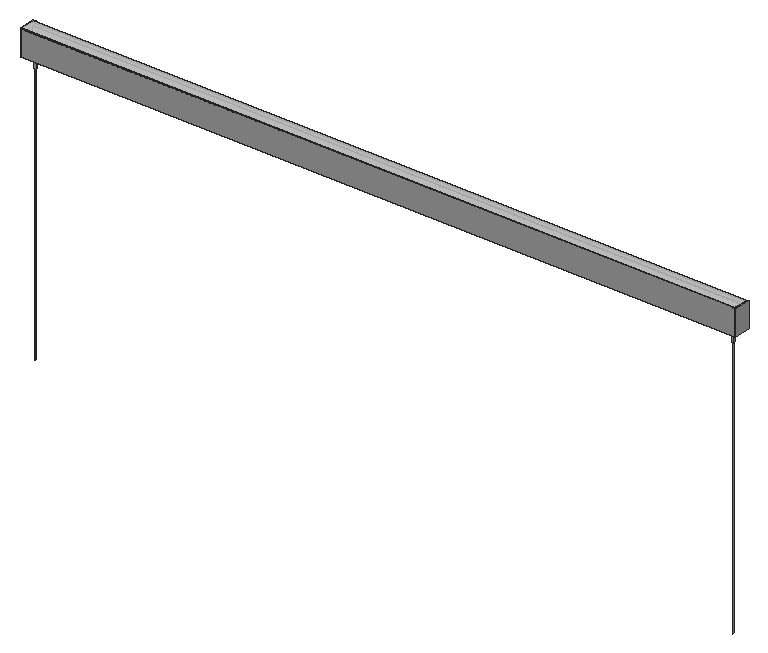
Revit family "2093153 Sylvania Lighting Fixture MC2-KIT 2-4M 3K DALI WHT PROS", category Lighting Fixtures, host Face, Revit 2016
Family settings
  Host = Face
  Part Type = Normal
  Round Connector Dimension = Use Diameter
  OmniClass Number = 23.80.70.11.17
  OmniClass Title = Specialized Lighting by Location or Use
  Cut with Voids When Loaded = No
  Light Source = Yes
  Shared = No
  Room Calculation Point = No
Parameters (values of type "2093153 MC2-KIT 2.4M 3K DALI WHT PRIS")
  Width_SYL = 54.0 mm
  Weight = "6.3 kg"
  Wattage = 42 W
  WarrantyStartDate [instance] = "n/a"
  WarrantyGuarantorParts = "n/a"
  WarrantyDurationUnit = "n/a"
  WarrantyDurationParts = "n/a"
  WarrantyDescription = "n/a"
  built-in parameter 1150110 = 1 (stored number, unit not read)
  Voltage = 0 V
  URL = "http://www.sylvania-lighting.com"
  TypeName = "MC2-KIT 2.4M 3K DALI WHT PRIS"
  built-in parameter 1114217 = 1 (stored number, unit not read)
  Tilt Angle = -90.00°
  built-in parameter 1150109 = 1 (stored number, unit not read)
  built-in parameter 1150134 = (empty or 0)
  built-in parameter 1150113 = 1 (stored number, unit not read)
  SerialNumber [instance] = "n/a"
  PowerFactor = 0.98
  PowerConsumption = "42 W"
  NominalWidth = 0.0 mm
  NominalLength = 2400.0 mm
  NominalHeight = 86.0 mm
  Name = "MC2-KIT 2.4M 3K DALI WHT PRIS"
  ModelReference = "MC2-KIT 2.4M 3K DALI WHT PRIS"
  ModelNumber = "2093153"
  Material_3_SYL = Metal_Sylvania_Mini Contiuum II_Silver
  Photometric Web File = "2093153.ies"
  Material_4_SYL = Metal_Sylvania_Mini Contiuum II_Silver
  MountingHeight_SYL [instance] = 1000.0 mm
  Material = "aluminium housing, polycarbonate diffuser"
  ManufacturerName = "Feilo Sylvania"
  LuminousEfficacy = "100 lm/W"
  LuminaireType = ""
  LightOutputRatio = "100"
  Length_SYL = 2400.0 mm
  LampsType = Lamp  # "LED"
  LampNominalLuminous = "4190 lm"
  LampMacAdamStep = "3"
  LampColourTemperature = "3000 K"
  LampColourRenderingIndex = "80"
  Keynote = "16500"
  InstallationDate [instance] = "n/a"
  InputVoltage = "n/a"
  InputNominalFrequency = "n/a"
  IngressProtection = "IP20"
  ImpactProtectionIndex = "n/a"
  IfcExportType = "IfcLightFixtureType"
  IfcExportAs = "IfcLightFixtureType"
  Height_SYL = 86.0 mm
  ExpectedLife = 50000
  Emit from Rectangle Width = Width_SYL - 2.0 mm  # 52.0 mm
  Emit from Rectangle Length = Length_SYL  # 2400.0 mm
  Emit Shape Visible in Rendering = no
  ElectricShockClassification = "Class I"
  DurationUnit = "hours"
  DocumentationLiterature = "http://www.sylvania-lighting.com/product/en-int/products/2093153"
  DimmingControlOptions = "n/a"
  CreatedOn = "10/15/2018"
  CreatedBy = "@sylvania-lighting.com"
  built-in parameter 1114216 [instance] = 1 (stored number, unit not read)
  Model = "MC2-KIT 2.4M 3K DALI WHT PRIS"
  Manufacturer = "Feilo Sylvania"
  built-in parameter 1150105 = 334.23 (stored number, unit not read)
  Lumens = 4200 lm
  built-in parameter 1150115 = 1 (stored number, unit not read)
  built-in parameter 1150137 = (empty or 0)
  built-in parameter 1150139 = (empty or 0)
  built-in parameter 1150112 = 1 (stored number, unit not read)
  built-in parameter 1150114 = 1 (stored number, unit not read)
  Lamp = "LED"
  built-in parameter 1150132 = 2
  built-in parameter 1150102 = (empty or 0)
  built-in parameter 1150107 = 3000 (stored number, unit not read)
  built-in parameter 1150138 = (empty or 0)
  built-in parameter 1150106 = 3.3423 (stored number, unit not read)
  Material_1_SYL = Metal_Sylvania_Mini Continuum II_White
  built-in parameter 1150104 = 9.2903 (stored number, unit not read)
  Dimming Lamp Color Temperature Shift = <None>
  Material_2_SYL = Polycarbonate_Sylvania_Mini Continuum II_Opal_4000K
  Description = "2093153   MC2-KIT 2.4M 3K DALI WHT PRIS  Continuous lines of LED light, white RAL 9016, direct distribution, suspended kit version is pre-wired and supplied complete with end caps and suspension cables, compact and minimalist design based on the Golden Mean, ideal for offices, meeting rooms, corridors, education facilities, museums and libraries, extruded aluminium body, diffuser: micro prismatic, colour temperature: 3000K warm white, total system power: 42W, total fixture output: 4190lm, luminaire efficacy: 100lm/W, LOR: 100%, colour rendering: Ra >80, LED Chromacity: 1 step MacAdam ellipse, lifetime: 60,000 hours at 90% of the original output (L90), energy class: A++, A+, A, IR/UV free light source without heat radiation, operating voltage: 220-240V / 50-60Hz,drive current: 800mA, electronic driver, DALI dimmable, electrical protection: CLASS I, IP20, suitable for internal environment only."
  Default Elevation = 0.0 mm
  Color Filter = 16777215
  built-in parameter 1140040 [instance] = 1
  BarCode [instance] = "n/a"
  built-in parameter 1114218 = 1 (stored number, unit not read)
  built-in parameter 1150133 = 10 (stored number, unit not read)
  AssetType = "Fixed"
  AssetIdentifier [instance] = "n/a"
  Assembly Code = "D5020200"
  Apparent Load = 42 VA
Reference planes
  plane 1 "Center (Front/Back)": y = 0
  plane 2 "Bottom Fixtures": z = 0
  plane 3 "Center (Left/Right)": x = 0
  plane 4 "Fixture Left": x = -1200
  plane 5 "Fixture Right": x = 1200
  plane 6 "Fixture Bottom": z = 1000
  plane 7: z = 998
  plane 8: z = 996
  plane 9: z = 986.951
  plane 10: z = 956.951
  plane 11 "Fixture Top": z = 914
  plane 12 "Mounting Right": x = 1172
  plane 13 "Mounting Left": x = -1172
  plane 14: z = 879
  plane 15: y = 27
  plane 16: y = -27
  plane 17: y = -26
  plane 18: y = -25
  plane 19: y = 26
  plane 20: y = 25
  plane 21: y = 11
  plane 22: y = -11
  plane 23: y = 24
  plane 24: y = 22
  plane 25: y = -22
  plane 26: y = 15
  plane 27: y = -15
  plane 28 "Upper Diffuser Left": x = -1050
  plane 29 "Upper Diffuser Right": x = 1050
  plane 30: x = -1202
  plane 31: x = 1202
Forms (mm)
  Extrusion 1, solid, material "Metal_Sylvania_Mini Continuum II_White" <- "Material_1_SYL", detail levels fine
    sketch origin (0, 0, 520) x (0, 1, 0) y (0, 0, 1)
      loop
        line (27, 480) -> (26, 480) -> (26, 478) -> (25, 478) -> (25, 396) -> (13, 396) -> (13, 398) -> (-13, 398) -> (-13, 396) -> (-25, 396) -> (-25, 478) -> (-26, 478) -> (-26, 480) -> (-27, 480) -> (-27, 394) -> (-11, 394) -> (-11, 396) -> (11, 396) -> (11, 394) -> (27, 394) -> (27, 480)
    from -1200 to 1200
  Extrusion 2, solid, material "Polycarbonate_Sylvania_Mini Continuum II_Opal_4000K" <- "Material_2_SYL", detail levels fine
    sketch origin (0, 0, 520) x (0, 1, 0) y (0, 0, 1)
      loop
        line (-26, 480) -> (-26, 478) -> (26, 478) -> (26, 480) -> (-26, 480)
    from -1200 to 1200
  Extrusion 3, solid, material "Metal_Sylvania_Mini Contiuum II_Silver" <- "Material_3_SYL", detail levels fine
    sketch origin (0, 0, 520) x (0, 1, 0) y (0, 0, 1)
      loop
        line (22, 466.951) -> (20.973, 466.951) -> (14.206, 437.951) -> (11, 437.951) -> (11, 436.951) -> (15, 436.951) -> (22, 466.951)
      loop
        line (-15, 436.951) -> (-11, 436.951) -> (-11, 437.951) -> (-14.206, 437.951) -> (-20.973, 466.951) -> (-22, 466.951) -> (-15, 436.951)
    from -1200 to 1200
  Extrusion 4, solid, material "Metal_Sylvania_Mini Continuum II_White" <- "Material_1_SYL", detail levels coarse+medium
    sketch origin (0, 0, 520) x (0, 1, 0) y (0, 0, 1)
      loop
        line (-27, 480) -> (-27, 394) -> (27, 394) -> (27, 480) -> (-27, 480)
    from -1200 to 1200
  Extrusion 5, solid, material "Metal_Sylvania_Mini Contiuum II_Silver" <- "Material_4_SYL", detail levels fine
    sketch origin (0, 0, -86) x (-1, 0, 0) y (0, -1, 0)
      loop
        circle (1172, 0) r 4
      loop
        circle (-1172, 0) r 4
    from 965 to 1002
  Extrusion 6, solid, material "Metal_Sylvania_Mini Contiuum II_Silver" <- "Material_4_SYL", detail levels fine
    sketch origin (0, 0, -86) x (-1, 0, 0) y (0, -1, 0)
      loop
        circle (-1172, 0) r 1
      loop
        circle (1172, 0) r 1
    from 86 to 965
  Extrusion 7, solid, material "Metal_Sylvania_Mini Continuum II_White" <- "Material_1_SYL"
    sketch origin (-1200, 171.684, 1219.2) x (0, 1, 0) y (0, 0, 1)
      loop
        line (-198.684, -305.2) -> (-144.684, -305.2) -> (-144.684, -219.2) -> (-198.684, -219.2) -> (-198.684, -305.2)
    from 0 to -2
  Extrusion 8, solid, material "Metal_Sylvania_Mini Continuum II_White" <- "Material_1_SYL"
    sketch origin (1200, 171.684, 1219.2) x (0, 1, 0) y (0, 0, -1)
      loop
        line (-144.684, 219.2) -> (-144.684, 305.2) -> (-198.684, 305.2) -> (-198.684, 219.2) -> (-144.684, 219.2)
    from 0 to -2
Lines and regions (mm)
  Masking region 1
    outline origin (0, 0, -86) x (-1, 0, 0) y (0, -1, 0)
      loop
        line (1200, -27) -> (1200, 27) -> (-1200, 27) -> (-1200, -27) -> (1200, -27)
  symbolic lines, detail levels fine
    curve 1: line (-1200, 26, -86) -> (1200, 26, -86)
    curve 2: line (-1200, -26, -86) -> (1200, -26, -86)
  model lines, detail levels coarse+medium
    curve 3: line (-1172, 0, 914) -> (-1172, 0, 0)
    curve 4: line (1172, 0, 914) -> (1172, 0, 0)
Dimensions and locks
  host sketch curve to plane 3 "Center (Left/Right)" to host sketch curve = 820.0 mm, 775.047 mm
  equal spacing: plane 4 "Fixture Left", plane 3 "Center (Left/Right)", plane 5 "Fixture Right"
  "Length_SYL": plane 4 "Fixture Left" to plane 5 "Fixture Right"
  plane 6 "Fixture Bottom" to plane 7 to plane 8 to plane 9 to plane 10 = 2.0 mm locked, 2.0 mm locked, 9.049 mm locked, 30.0 mm locked
  locked: Extrusion 1 sketch curve to Extrusion 1 sketch curve at 2
  locked: Extrusion 1 sketch curve to plane 11 "Fixture Top" at 2
  "Height_SYL": plane 6 "Fixture Bottom" to plane 11 "Fixture Top"
  locked: plane 12 "Mounting Right" to plane 5 "Fixture Right" at 28
  locked: plane 4 "Fixture Left" to plane 13 "Mounting Left" at 28
  locked: plane 11 "Fixture Top" to plane 14 at 35
  "MountingHeight_SYL": plane 6 "Fixture Bottom" to plane 2 "Bottom Fixtures"
  equal spacing: plane 15, plane 1 "Center (Front/Back)", plane 16
  "Width_SYL": plane 15 to plane 16
  plane 22 to plane 27 to plane 25 to plane 18 to plane 17 to plane 16 = 4.0 mm locked, 7.0 mm locked, 3.0 mm locked, 1.0 mm locked, 1.0 mm locked
  plane 15 to plane 19 to plane 20 to plane 23 to plane 24 to plane 26 to plane 21 = 1.0 mm locked, 1.0 mm locked, 1.0 mm locked, 2.0 mm locked, 7.0 mm locked, 4.0 mm locked
  locked: plane 4 "Fixture Left" to plane 28 "Upper Diffuser Left" at 150
  locked: plane 29 "Upper Diffuser Right" to plane 5 "Fixture Right" at 150
  equal spacing: plane 30, plane 3 "Center (Left/Right)", plane 31
  locked: plane 30 to plane 4 "Fixture Left" at 2
  aligned and locked: plane 2 "Bottom Fixtures" to host face
  aligned and locked: level to host face
  aligned and locked: plane 5 "Fixture Right" to curve 1
  aligned and locked: plane 4 "Fixture Left" to curve 1
  aligned and locked: plane 4 "Fixture Left" to curve 2
  aligned and locked: plane 5 "Fixture Right" to curve 2
  aligned and locked: Extrusion 1 sketch curve to plane 7
  aligned and locked: plane 6 "Fixture Bottom" to Extrusion 1 sketch curve  (x2)
  aligned and locked: plane 7 to Extrusion 1 sketch curve
  aligned and locked: Extrusion 1 to Extrusion 2 sketch curve
  aligned and locked: Extrusion 2 sketch curve to Extrusion 1  (x3)
  aligned and locked: Extrusion 3 sketch curve to plane 10
  aligned and locked: plane 9 to Extrusion 3 sketch curve
  aligned and locked: Extrusion 3 sketch curve to plane 9
  aligned and locked: Extrusion 4 sketch curve to plane 6 "Fixture Bottom"
  aligned and locked: Extrusion 4 to plane 4 "Fixture Left"
  aligned and locked: Extrusion 2 to plane 4 "Fixture Left"
  aligned and locked: Extrusion 3 to plane 4 "Fixture Left"
  aligned and locked: Extrusion 1 to plane 4 "Fixture Left"
  aligned and locked: Extrusion 4 to plane 5 "Fixture Right"
  aligned and locked: Extrusion 2 to plane 5 "Fixture Right"
  aligned and locked: Extrusion 3 to plane 5 "Fixture Right"
  aligned and locked: Extrusion 1 to plane 5 "Fixture Right"
  aligned and locked: plane 11 "Fixture Top" to Extrusion 4 sketch curve
  aligned and locked: Extrusion 1 sketch curve to plane 11 "Fixture Top"  (x2)
  aligned and locked: Extrusion 1 sketch curve to Extrusion 1 sketch curve
  aligned and locked: plane 6 "Fixture Bottom" to imposter light
  aligned and locked: plane 11 "Fixture Top" to curve 3
  aligned and locked: plane 2 "Bottom Fixtures" to curve 3
  aligned and locked: plane 11 "Fixture Top" to curve 4
  aligned and locked: plane 2 "Bottom Fixtures" to curve 4
  aligned and locked: curve 4 to plane 12 "Mounting Right"
  aligned and locked: curve 3 to plane 13 "Mounting Left"
  aligned and locked: Extrusion 5 to Extrusion 1
  aligned and locked: Extrusion 5 to plane 14
  aligned and locked: plane 14 to Extrusion 6
  aligned and locked: Extrusion 6 to level
  aligned and locked: plane 21 to Extrusion 3 sketch curve
  aligned and locked: Extrusion 3 sketch curve to plane 22
  aligned and locked: Extrusion 7 sketch curve to Extrusion 4  (x4)
  aligned and locked: Extrusion 7 to plane 30
  aligned and locked: plane 4 "Fixture Left" to Extrusion 7
  aligned and locked: Extrusion 8 sketch curve to Extrusion 4  (x4)
  aligned and locked: plane 31 to Extrusion 8
  aligned and locked: plane 5 "Fixture Right" to Extrusion 8
Automatic sketch dimensions
  host sketch curve to host sketch curve = 1047.463 mm
  plane 19 to curve 1 = 0.0 mm
  curve 2 to plane 17 = 0.0 mm
  Masking region 1 sketch curve to plane 5 "Fixture Right" = 0.0 mm
  Masking region 1 sketch curve to plane 4 "Fixture Left" = 0.0 mm
  plane 15 to Masking region 1 sketch curve = 0.0 mm
  Masking region 1 sketch curve to plane 16 = 0.0 mm
  Extrusion 1 sketch curve to plane 16 = 0.0 mm
  Extrusion 1 sketch curve to plane 17 = 0.0 mm
  Extrusion 1 sketch curve to plane 18 = 0.0 mm
  Extrusion 1 sketch curve to plane 22 = 0.0 mm
  Extrusion 1 sketch curve to plane 21 = 0.0 mm
  Extrusion 1 sketch curve to plane 20 = 0.0 mm
  Extrusion 1 sketch curve to plane 19 = 0.0 mm
  Extrusion 1 sketch curve to plane 15 = 0.0 mm
  plane 11 "Fixture Top" to Extrusion 1 sketch curve = 2.0 mm
  Extrusion 1 sketch curve to plane 22 = 2.0 mm
  Extrusion 1 sketch curve to plane 21 = 2.0 mm
  Extrusion 3 sketch curve to plane 25 = 0.0 mm
  Extrusion 3 sketch curve to plane 27 = 0.0 mm
  Extrusion 3 sketch curve to plane 26 = 0.0 mm
  Extrusion 3 sketch curve to plane 24 = 0.0 mm
  plane 10 to Extrusion 3 sketch curve = 1.0 mm
  Extrusion 3 sketch curve to Extrusion 3 sketch curve = 1.027 mm
  plane 27 to Extrusion 3 sketch curve = 0.794 mm
  plane 26 to Extrusion 3 sketch curve = 0.794 mm
  plane 24 to Extrusion 3 sketch curve = 1.027 mm
  Extrusion 4 sketch curve to plane 16 = 0.0 mm
  Extrusion 4 sketch curve to plane 15 = 0.0 mm
  plane 1 "Center (Front/Back)" to Extrusion 5 sketch curve = 0.0 mm  (x2)
  Extrusion 5 sketch curve to plane 12 "Mounting Right" = 0.0 mm
  Extrusion 5 sketch curve to plane 13 "Mounting Left" = 0.0 mm
  plane 1 "Center (Front/Back)" to Extrusion 6 sketch curve = 0.0 mm  (x2)
  Extrusion 6 sketch curve to plane 12 "Mounting Right" = 0.0 mm
  Extrusion 6 sketch curve to plane 13 "Mounting Left" = 0.0 mm
  Extrusion 3 sketch curve to Extrusion 3 sketch curve = 0.0 mm
  Extrusion 3 sketch curve to plane 10 = 0.0 mm
  radius of Extrusion 5 sketch curve = 4.0 mm  (x2)
  radius of Extrusion 6 sketch curve = 1.0 mm  (x2)
Connectors
  electrical at (1200, 0, 949), driven by "Apparent Load"
    settings: on Extrusion 1, index 1, voltage 230 V, apparent load 0 VA, apparent load phase1 42 VA, apparent load phase2 0 VA, apparent load phase3 0 VA, power factor 1, load classification "Lighting", number of poles 1, system type 31, power factor state 1, is connector primary yes, connector utility no, sub classification motor no, connector description ""
